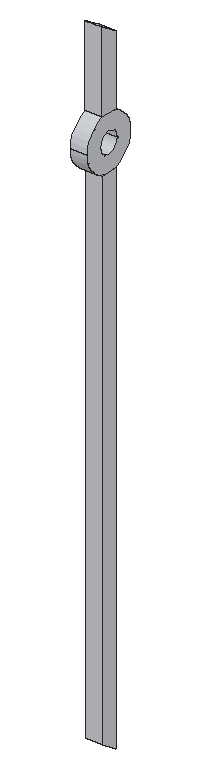
Revit family "Baluster-Custom2 (M)", category 난간동자, Revit 2026
Family settings
  항상 수직 = 예
  로드될 때 보이드를 사용하여 절단 = 아니오
  공유 = 아니오
Parameters (values of type "20mm")
  built-in parameter 1008623 [instance] = 32.47°
  built-in parameter 1008625 [instance] = (empty or 0)
  Post = no
  built-in parameter 1008624 [instance] = 32.47°
  Width = 20 mm
  Baluster Material = none
  built-in parameter 1008622 [instance] = 762 mm
Types (3, lengths in mm): name | Width
  (no name) | 20
  25mm | 25
  20mm | 20
Reference planes
  plane 1 "Center F/B": y = 0
  plane 2: z = 0
  plane 3 "Center L/R": x = 0
  plane 4 "Top": z = 762
  plane 5 "Top Angle Cut": through (0, 345.134, 542.379) normal (0, -0.5369, -0.8437)
  plane 6: z = 862
  plane 7: z = 609.6
  plane 8: z = 673.1
  plane 9: z = 641.35
  plane 10: z = -100
  plane 11 "Bottom Angle Cut": through (0, 0, 0) normal (0, -0.5369, -0.8437)
  plane 12: y = 50
  plane 13: x = 50
  plane 14: y = -50
  plane 15: x = -50
Forms (mm)
  Extrusion 1, solid, material <- "Baluster Material"
    sketch origin (0, 0, 0) x (1, 0, 0) y (0, 1, 0)
      loop
        line (-10, 10) -> (-10, -10) -> (10, -10) -> (10, 10) -> (-10, 10)
    from 673.1 to 862
  Extrusion 2, void
    sketch origin (0, 0, 0) x (0, 1, 0) y (0, 0, 1)
      loop
        line (-50, 862) -> (-50, 793.817) -> (50, 730.183) -> (50, 862) -> (-50, 862)
    from -50 to 50
  Extrusion 3, solid, material <- "Baluster Material"
    sketch origin (0, 0, 0) x (1, 0, 0) y (0, 1, 0)
      loop
        line (-9.525, 10.475) -> (-9.525, -9.525) -> (10.475, -9.525) -> (10.475, 10.475) -> (-9.525, 10.475)
    from -100 to 609.6
  Extrusion 4, solid, material <- "Baluster Material"
    sketch origin (0, 0, 0) x (0, 1, 0) y (0, 0, 1)
      loop
        circle (0, 641.35) r 31.75
      loop
        circle (0, 641.35) r 12.7
    from -10 to 10
  Extrusion 5, void
    sketch origin (0, 0, 0) x (0, 1, 0) y (0, 0, 1)
      loop
        line (-50, -100) -> (50, -100) -> (50, -31.817) -> (-50, 31.817) -> (-50, -100)
    from -50 to 50
Cuts and joins
  Extrusion 2, Extrusion 5 cuts Extrusion 1
  Extrusion 5 cuts Extrusion 3
  Extrusion 5 cuts Extrusion 4
Dimensions and locks
  "built-in parameter 1008622": plane 2 to plane 4 "Top"
  locked: plane 4 "Top" to plane 6 at 100
  equal spacing: Extrusion 1 sketch curve, plane 3 "Center L/R", Extrusion 1 sketch curve
  equal spacing: Extrusion 1 sketch curve, plane 1 "Center F/B", Extrusion 1 sketch curve
  "Width": Extrusion 1 sketch curve to Extrusion 1 sketch curve  (x2)
  Extrusion 3 sketch curve to Extrusion 3 sketch curve = 20 mm  (x2)
  "Width": Extrusion 3 sketch curve to Extrusion 3 sketch curve  (x2)
  locked: plane 7 to plane 8 at 63.5
  equal spacing: plane 7, plane 9, plane 8
  locked: level to plane 10 at 100
  locked: plane 7 to plane 4 "Top" at 152.4
  locked: plane 15 to plane 3 "Center L/R" at 50
  locked: plane 3 "Center L/R" to plane 13 at 50
  locked: plane 1 "Center F/B" to plane 12 at 50
  locked: plane 14 to plane 1 "Center F/B" at 50
  "built-in parameter 1008623": angle plane 4 "Top" to plane 5 "Top Angle Cut"
  "built-in parameter 1008624": angle level to plane 11 "Bottom Angle Cut"
  aligned and locked: Extrusion 1 to plane 6
  aligned and locked: Extrusion 3 to plane 7
  aligned and locked: plane 8 to Extrusion 1
  aligned and locked: Extrusion 4 to cut or joined group of Extrusion 1, Extrusion 2, Extrusion 5  (x2)
  aligned and locked: plane 10 to Extrusion 3
  aligned and locked: plane 15 to Extrusion 2
  aligned and locked: Extrusion 2 to plane 13
  aligned and locked: plane 12 to Extrusion 2 sketch curve
  aligned and locked: plane 14 to Extrusion 2 sketch curve
  aligned and locked: plane 6 to Extrusion 2 sketch curve
  aligned and locked: Extrusion 2 sketch curve to plane 5 "Top Angle Cut"
  aligned and locked: plane 10 to Extrusion 5 sketch curve
  aligned and locked: plane 14 to Extrusion 5 sketch curve
  aligned and locked: Extrusion 5 sketch curve to plane 12
  aligned and locked: Extrusion 5 sketch curve to plane 11 "Bottom Angle Cut"
  aligned and locked: plane 15 to Extrusion 5
  aligned and locked: Extrusion 5 to plane 13
Automatic sketch dimensions
  Extrusion 3 sketch curve to plane 3 "Center L/R" = 9.525 mm
  plane 1 "Center F/B" to Extrusion 3 sketch curve = 9.525 mm
  Extrusion 4 sketch curve to plane 9 = 0 mm  (x2)
  Extrusion 4 sketch curve to plane 1 "Center F/B" = 0 mm  (x2)
  plane 1 "Center F/B" to Extrusion 4 sketch curve = 12.7 mm
  Extrusion 4 sketch curve to Extrusion 4 sketch curve = 19.05 mm
